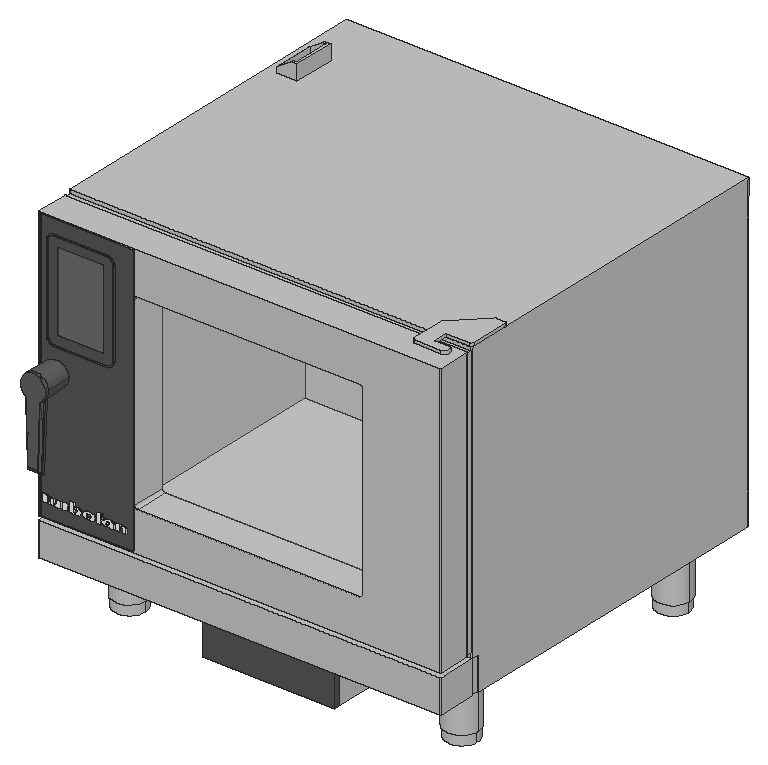
Revit family "QF_MOFFAT_PFEN051--", category Specialty Equipment, Revit 2019
Family settings
  Round Connector Dimension = Use Diameter
  Part Type = Normal
  OmniClass Number = 23.40.40.14
  OmniClass Title = Food Service Equipment
  Work Plane-Based = No
  Always vertical = Yes
  Cut with Voids When Loaded = No
  Shared = No
  Room Calculation Point = No
Parameters (values of type "PFEN051 (480V 3Ph 60Hz) - RH")
  R6 = 6 mm  # constant formula
  Mat_Handle = QF_Plastic-Black-Matte
  Mat_Glass = QF_Glass-Tempered-Clear
  Logo_X = if(Left hinged, 680 mm, 90 mm)  # 90 mm
  Handle_Z = 330 mm  # constant formula
  Filtered Treated Water Supply Size = 20 mm
  Filtered Treated Water Quality = ""
  Filtered Treated Water Flow = 0.0 L/min
  Filtered Treated Water Connection Height = 102 mm
  Exhaust Vent Width = 40 mm
  Exhaust Vent Height = 723 mm
  Exhaust Vent Depth = 80 mm
  Exhaust Static Press = 0.0 Pa
  Direct Waste Size = 40 mm
  Direct Waste Connection Height = 95 mm
  DX_ = if(Right hinged, 0 mm, 20 mm)  # 0 mm
  Weight = 74.00 kg
  Volts = 480 V
  Volt Free Conn = no
  URL Manufacturer = "https://www.moffat.com"
  URL Cutsheet = "PFEN044_0124_en.pdf"
  URL = ""
  Show Symbol [instance] = yes
  Show Opening [instance] = yes
  Show Logo [instance] = yes
  Show Clearance [instance] = no
  SX_ = if(Left hinged, 0 mm, 20 mm)  # 20 mm
  Right hinged = not(Left hinged)  # yes
  R2 = 2 mm  # constant formula
  Potential Equalisation = no
  Leg_R3 = 40 mm  # constant formula
  Leg_R2 = 32.5 mm  # constant formula
  Leg_R1 = 30 mm  # constant formula
  Phase = 3
  Number of Poles = 3
  Model = "PFEN051"
  Mat_Legs = QF_Stainless-Brushed
  Mat_Clearance = QF_Clearance
  Mat_Case = QF_Stainless-Brushed
  Mat_Plastic-Black = QF_Plastic-Black-Glossy
  Masterspec = ""
  Manufacturer = "MOFFAT"
  Main switch integrated = no
  Length Actual = 777 mm  # constant formula
  Legs Height = 120 mm  # constant formula
  Left hinged = no
  Keynote = "0"
  Item Number = "PFEN051"
  Identify Quantity as Lot = no
  Height Actual = 723 mm  # constant formula
  Foodservice Equipment Identifier = yes
  FL Amps = 11 A
  Electrical Remarks = "electrical connection with terminal box"
  Electric power = 7250 W
  Elec Connection Height = 102 mm
  Description = "Electric Combi Oven for bakery&pastry, 5 Trays 600x400"
  Description_FR = ""
  Description_ES = ""
  Description_EN = ""
  Description_DE = ""
  Depth Actual = 744 mm  # constant formula
  Cycle = 60 Hz
  Conn Plug = ""
  Cold Water Size = 20 mm
  Cold Water Consumption = ""
  Cold Water Connection Height = 102 mm
  Clearance_Upper = 500 mm  # constant formula
  Clearance_Side_RH = 50 mm  # constant formula
  Clearance_Side_LH = 50 mm  # constant formula
  Clearance_Rear = 500 mm  # constant formula
  Clearance_Front = 715 mm  # constant formula
  Case_Height = Height Actual - Legs Height  # 603 mm
  CE Approved = yes
  Author = ""
  Accessory = no
Types (22, lengths in mm): name | Logo_X | DX_ | Volts | SX_ | Right hinged | Phase | Number of Poles | Left hinged | Cycle
  PFEN051 (230V 1NPh 50Hz) - LH | 680 | 20 | 230 V | 0 | no | 1 | 1 | yes | 50 Hz
  PFEN051 (230V 1NPh 50Hz) - RH | 90 | 0 | 230 V | 20 | yes | 1 | 1 | no | 50 Hz
  PFEN051 (230V 3Ph 50Hz) - LH | 680 | 20 | 230 V | 0 | no | 3 | 3 | yes | 50 Hz
  PFEN051 (230V 3Ph 50Hz) - RH | 90 | 0 | 230 V | 20 | yes | 3 | 3 | no | 50 Hz
  PFEN051 (400V 3NPh 50Hz) - LH | 680 | 20 | 400 V | 0 | no | 3 | 3 | yes | 50 Hz
  PFEN051 (400V 3NPh 50Hz) - RH | 90 | 0 | 400 V | 20 | yes | 3 | 3 | no | 50 Hz
  PFEN051 (400V 3Ph 50Hz) - LH | 680 | 20 | 400 V | 0 | no | 3 | 3 | yes | 50 Hz
  PFEN051 (400V 3Ph 50Hz) - RH | 90 | 0 | 400 V | 20 | yes | 3 | 3 | no | 50 Hz
  PFEN051 (400V 3Ph 60Hz) - LH | 680 | 20 | 400 V | 0 | no | 3 | 3 | yes | 60 Hz
  PFEN051 (400V 3Ph 60Hz) - RH | 90 | 0 | 400 V | 20 | yes | 3 | 3 | no | 60 Hz
  PFEN051 (440V 3Ph 50Hz) - LH | 680 | 20 | 440 V | 0 | no | 3 | 3 | yes | 50 Hz
  PFEN051 (440V 3Ph 50Hz) - RH | 90 | 0 | 440 V | 20 | yes | 3 | 3 | no | 50 Hz
  PFEN051 (440V 3Ph 60Hz) - LH | 680 | 20 | 440 V | 0 | no | 3 | 3 | yes | 60 Hz
  PFEN051 (440V 3Ph 60Hz) - RH | 90 | 0 | 440 V | 20 | yes | 3 | 3 | no | 60 Hz
  PFEN051 (440V 3NPh 50Hz) - LH | 680 | 20 | 440 V | 0 | no | 3 | 3 | yes | 50 Hz
  PFEN051 (440V 3NPh 50Hz) - RH | 90 | 0 | 440 V | 20 | yes | 3 | 3 | no | 50 Hz
  PFEN051 (440V 3NPh 60Hz) - LH | 680 | 20 | 440 V | 0 | no | 3 | 3 | yes | 60 Hz
  PFEN051 (440V 3NPh 60Hz) - RH | 90 | 0 | 440 V | 20 | yes | 3 | 3 | no | 60 Hz
  PFEN051 (480V 3Ph 50Hz) - LH | 680 | 20 | 480 V | 0 | no | 3 | 3 | yes | 50 Hz
  PFEN051 (480V 3Ph 50Hz) - RH | 90 | 0 | 480 V | 20 | yes | 3 | 3 | no | 50 Hz
  PFEN051 (480V 3Ph 60Hz) - LH | 680 | 20 | 480 V | 0 | no | 3 | 3 | yes | 60 Hz
  PFEN051 (480V 3Ph 60Hz) - RH | 90 | 0 | 480 V | 20 | yes | 3 | 3 | no | 60 Hz
Reference planes
  plane 1 "Center (Front/Back)": y = 0
  plane 2: z = 0
  plane 3 "Center (Left/Right)": x = 0
  plane 4 "SX": x = -388.5
  plane 5 "DX": x = 388.5
  plane 6 "FRONT": y = -744
  plane 7 "High": z = 723
  plane 8 "BASE": z = 120
  plane 9: y = -98
  plane 10: y = -608
  plane 11: x = -320.5
  plane 12: x = 320.5
  plane 13: x = -438.5
  plane 14: x = 438.5
  plane 15: y = 500
  plane 16: z = 1223
  plane 17: z = 20
  plane 18: y = -1459
  plane 19: x = -308.5
  plane 20: x = 308.5
  plane 21: y = -200
  plane 22: y = -668
  plane 23: y = -653
  plane 24: z = 184
  plane 25: z = 658
  plane 26: z = 718
  plane 27: z = 270
  plane 28: z = 638
  plane 29: y = 49
  plane 30: z = 693
  plane 31: y = -114
  plane 32: y = -194
  plane 33: x = -368.5
  plane 34: x = -328.5
  plane 35: x = -128
  plane 36: x = 128
  plane 37: z = 8
Forms (mm)
  Extrusion 1, solid, material "QF_Clearance", visible <- "Show Clearance"
    sketch origin (0, 0, 0) x (1, 0, 0) y (0, 1, 0)
      loop
        line (-438.5, -744) -> (438.5, -744) -> (438.5, 0) -> (-438.5, 0) -> (-438.5, -744)
    from 0 to 723
  Extrusion 2, solid, material "QF_Clearance", visible <- "Show Clearance"
    sketch origin (0, 0, 0) x (1, 0, 0) y (0, 1, 0)
      loop
        line (-388.5, -1459) -> (388.5, -1459) -> (388.5, 500) -> (-388.5, 500) -> (-388.5, -1459)
    from 0 to 723
  Extrusion 3, solid, material "QF_Clearance", visible <- "Show Clearance"
    sketch origin (0, 0, 0) x (1, 0, 0) y (0, 1, 0)
      loop
        line (-388.5, -744) -> (388.5, -744) -> (388.5, 0) -> (-388.5, 0) -> (-388.5, -744)
    from 0 to 1223
  Extrusion 4, solid, material "QF_Stainless-Brushed" <- "Mat_Legs", detail levels medium+fine
    sketch origin (-1136.263, -1524, 20) x (-1, 0, 0) y (0, -1, 0)
      loop
        circle (-815.763, -1426) r 32.5
      loop
        circle (-815.763, -916) r 32.5
      loop
        circle (-1456.763, -1426) r 32.5
      loop
        circle (-1456.763, -916) r 32.5
    from 0 to 100
  Extrusion 5, solid, material "QF_Stainless-Brushed" <- "Mat_Legs", detail levels medium+fine
    sketch origin (0, 0, 0) x (1, 0, 0) y (0, 1, 0)
      loop
        circle (-320.5, -98) r 30
      loop
        circle (320.5, -98) r 30
      loop
        circle (-320.5, -608) r 30
      loop
        circle (320.5, -608) r 30
    from 0 to 20
  Extrusion 6, solid, material "QF_Stainless-Brushed" <- "Mat_Case", detail levels medium+fine
    sketch origin (-1043.679, -1524, 184) x (-1, 0, 0) y (0, -1, 0)
      loop
        arc (-657.179, -1524) -> (-655.765, -1523.414) -> (-655.179, -1522) r 2
        line (-655.179, -1522) -> (-655.179, -873) -> (-660.179, -873) -> (-660.179, -871) -> (-655.179, -871) -> (-655.179, -858)
        arc (-655.179, -858) -> (-655.765, -856.586) -> (-657.179, -856) r 2
        line (-657.179, -856) -> (-735.179, -856) -> (-735.179, -1324) -> (-1352.179, -1324) -> (-1352.179, -856) -> (-1430.179, -856)
        arc (-1430.179, -856) -> (-1431.594, -856.586) -> (-1432.179, -858) r 2
        line (-1432.179, -858) -> (-1432.179, -871) -> (-1427.179, -871) -> (-1427.179, -873) -> (-1432.179, -873) -> (-1432.179, -1522)
        arc (-1432.179, -1522) -> (-1431.594, -1523.414) -> (-1430.179, -1524) r 2
        line (-1430.179, -1524) -> (-657.179, -1524)
    from 0 to 474
  Extrusion 7, solid, material "QF_Stainless-Brushed" <- "Mat_Case", detail levels medium+fine
    sketch origin (0, 0, 120) x (-1, 0, 0) y (0, -1, 0)
      loop
        arc (386.5, 0) -> (387.914, 0.586) -> (388.5, 2) r 2
        line (388.5, 2) -> (388.5, 653) -> (386.5, 653) -> (386.5, 668) -> (388.5, 668) -> (388.5, 742)
        arc (388.5, 742) -> (387.914, 743.414) -> (386.5, 744) r 2
        line (386.5, 744) -> (-386.5, 744)
        arc (-386.5, 744) -> (-387.914, 743.414) -> (-388.5, 742) r 2
        line (-388.5, 742) -> (-388.5, 668) -> (-386.5, 668) -> (-386.5, 653) -> (-388.5, 653) -> (-388.5, 2)
        arc (-388.5, 2) -> (-387.914, 0.586) -> (-386.5, 0) r 2
        line (-386.5, 0) -> (386.5, 0)
    from 0 to 64
  Extrusion 8, solid, material "QF_Stainless-Brushed" <- "Mat_Case", detail levels medium+fine
    sketch origin (-1043.679, -1524, 658) x (-1, 0, 0) y (0, -1, 0)
      loop
        arc (-657.179, -1524) -> (-655.765, -1523.414) -> (-655.179, -1522) r 2
        line (-655.179, -1522) -> (-655.179, -858)
        arc (-655.179, -858) -> (-655.765, -856.586) -> (-657.179, -856) r 2
        line (-657.179, -856) -> (-1430.179, -856)
        arc (-1430.179, -856) -> (-1431.594, -856.586) -> (-1432.179, -858) r 2
        line (-1432.179, -858) -> (-1432.179, -1522)
        arc (-1432.179, -1522) -> (-1431.594, -1523.414) -> (-1430.179, -1524) r 2
        line (-1430.179, -1524) -> (-657.179, -1524)
    from 0 to 65
  Extrusion 9, solid, material "QF_Stainless-Brushed" <- "Mat_Case", detail levels medium+fine
    sketch origin (-388.5, 180.447, 4000) x (0, 1, 0) y (0, 0, 1)
      loop
        line (-131.447, -3652) -> (-131.447, -3356) -> (-180.447, -3307) -> (-180.447, -3652) -> (-131.447, -3652)
    from 70 to 220
  Extrusion 10, solid, material "QF_Stainless-Brushed" <- "Mat_Case", detail levels medium+fine
    sketch origin (0, 0, 723) x (-1, 0, 0) y (0, -1, 0)
      loop
        line (368.5, 114) -> (368.5, 194) -> (328.5, 194) -> (328.5, 114) -> (368.5, 114)
      loop
        line (363.5, 119) -> (363.5, 189) -> (333.5, 189) -> (333.5, 119) -> (363.5, 119)
    from 0 to 30
  Extrusion 11, void
    sketch origin (-528.5, -114, 7500) x (1, 0, 0) y (0, 0, 1)
      loop
        line (160, -6747) -> (160, -6767) -> (190, -6747) -> (160, -6747)
    from 0 to 80
  Extrusion 12, solid, material "QF_Plastic-Black-Glossy" <- "Mat_Plastic-Black", detail levels medium+fine
    sketch origin (-619.833, -668, 7500) x (-1, 0, 0) y (0, 0, 1)
      loop
        line (-491.833, -7492) -> (-491.833, -7411)
        arc (-491.833, -7411) -> (-480.833, -7400) -> (-491.833, -7389) r 11
        line (-491.833, -7389) -> (-747.833, -7389)
        arc (-747.833, -7389) -> (-758.833, -7400) -> (-747.833, -7411) r 11
        line (-747.833, -7411) -> (-747.833, -7492) -> (-491.833, -7492)
    from -5 to 5
  Extrusion 13, solid, material "QF_Stainless-Brushed" <- "Mat_Case", detail levels medium+fine
    sketch origin (-619.833, -668, 7500) x (-1, 0, 0) y (0, 0, 1)
      loop
        line (-491.833, -7492) -> (-491.833, -7380) -> (-747.833, -7380) -> (-747.833, -7492) -> (-491.833, -7492)
    from 5 to 468
  Extrusion 14, solid, material "QF_Stainless-Brushed" <- "Mat_Case", detail levels medium+fine
    sketch origin (-619.833, -200, 7500) x (-1, 0, 0) y (0, 0, 1)
      loop
        circle (-619.833, -7405) r 20
    from 0 to 200
Cuts and joins
  joined: Extrusion 1, Extrusion 2, Extrusion 3
  joined: Extrusion 4, Extrusion 5
  joined: Extrusion 6, Extrusion 7, Extrusion 8
  Extrusion 11 cuts Extrusion 10
Lines and regions (mm)
  model lines, style "InvisibleLines"
    curve 1: line (-50, 0, 0) -> (50, 0, 0)
    curve 2: line (0, 50, 0) -> (0, -50, 0)
  model lines, style "QF_Detail Level Coarse", detail levels coarse
    curve 3: line (-388.5, 0, 0) -> (388.5, 0, 0)
    curve 4: line (-388.5, -744, 0) -> (-388.5, 0, 0)
    curve 5: line (388.5, -744, 0) -> (-388.5, -744, 0)
    curve 6: line (388.5, 0, 0) -> (388.5, -744, 0)
    curve 7: line (388.5, -744, 723) -> (388.5, -744, 0)
    curve 8: line (388.5, 0, 723) -> (388.5, 0, 0)
    curve 9: line (-388.5, 0, 723) -> (-388.5, 0, 0)
    curve 10: line (-388.5, 0, 723) -> (388.5, 0, 723)
    curve 11: line (388.5, 0, 723) -> (388.5, -744, 723)
    curve 12: line (-388.5, 0, 723) -> (-388.5, -744, 723)
    curve 13: line (-388.5, -744, 723) -> (388.5, -744, 723)
    curve 14: line (-388.5, -744, 723) -> (-388.5, -744, 0)
Dimensions and locks
  curve 1 to plane 3 "Center (Left/Right)" to curve 1 = 50 mm locked, 50 mm locked
  curve 2 to plane 1 "Center (Front/Back)" to curve 2 = 50 mm locked, 50 mm locked
  locked: plane 6 "FRONT" to plane 1 "Center (Front/Back)" at 744
  equal spacing: plane 4 "SX", plane 3 "Center (Left/Right)", plane 5 "DX"
  locked: plane 4 "SX" to plane 5 "DX" at 777
  "Legs Height": plane 8 "BASE" to plane 2
  "Clearance_Side_RH": plane 5 "DX" to plane 14
  "Clearance_Side_LH": plane 13 to plane 4 "SX"
  "Clearance_Rear": plane 1 "Center (Front/Back)" to plane 15
  "Clearance_Upper": plane 16 to plane 7 "High"
  locked: plane 9 to plane 1 "Center (Front/Back)" at 98
  locked: plane 4 "SX" to plane 11 at 68
  locked: plane 12 to plane 5 "DX" at 68
  "Clearance_Front": plane 6 "FRONT" to plane 18
  plane 17 to plane 2 = 20 mm
  "Case_Height": plane 7 "High" to plane 8 "BASE"
  locked: plane 10 to plane 6 "FRONT" at 136
  locked: plane 4 "SX" to plane 19 at 80
  locked: plane 20 to plane 5 "DX" at 80
  locked: plane 21 to plane 1 "Center (Front/Back)" at 200
  locked: plane 22 to plane 6 "FRONT" at 76
  locked: plane 23 to plane 22 at 15
  locked: Extrusion 6 sketch curve to plane 23 at 2  (x2)
  locked: Extrusion 6 sketch curve to plane 5 "DX" at 5
  locked: plane 4 "SX" to Extrusion 6 sketch curve at 5
  locked: plane 24 to plane 8 "BASE" at 64
  locked: plane 7 "High" to plane 25 at 65
  locked: plane 4 "SX" to Extrusion 7 sketch curve at 2
  locked: Extrusion 7 sketch curve to plane 5 "DX" at 2
  locked: plane 7 "High" to plane 26 at 5
  locked: plane 27 to plane 8 "BASE" at 150
  locked: plane 7 "High" to plane 28 at 85
  "Logo_X": nested 3 to plane 4 "SX"
  locked: plane 1 "Center (Front/Back)" to plane 29 at 49
  locked: plane 7 "High" to Extrusion 9 sketch curve at 375
  locked: plane 7 "High" to plane 30 at 30
  plane 32 to plane 31 to plane 1 "Center (Front/Back)" = 80 mm locked, 114 mm locked
  plane 4 "SX" to plane 33 to plane 34 = 20 mm locked, 40 mm locked
  locked: plane 34 to Extrusion 11 sketch curve at 10
  Extrusion 11 sketch curve to Extrusion 11 sketch curve to plane 7 "High" = 20 mm locked, 10 mm locked
  plane 35 to plane 3 "Center (Left/Right)" to plane 36 = 128 mm locked, 128 mm locked
  locked: plane 8 "BASE" to plane 37 at 112
  locked: plane 8 "BASE" to Extrusion 12 sketch curve at 9
  "Direct Waste Connection Height": Extrusion 14 sketch curve to plane 2
  equal spacing: plane 27, nested 3, plane 24
  "Leg_R2": radius of Extrusion 4 sketch curve  (x4)
  "Leg_R1": radius of Extrusion 5 sketch curve  (x4)
  "R2": radius of Extrusion 6 sketch curve  (x4)
  "R2": radius of Extrusion 7 sketch curve  (x4)
  "R2": radius of Extrusion 8 sketch curve  (x4)
  aligned and locked: level to plane 2
  aligned and locked: plane 1 "Center (Front/Back)" to curve 3
  aligned and locked: plane 4 "SX" to curve 4
  aligned and locked: level to curve 8
  aligned and locked: level to curve 7
  aligned and locked: level to curve 9
  aligned and locked: curve 8 to plane 1 "Center (Front/Back)"
  aligned and locked: curve 9 to plane 1 "Center (Front/Back)"
  aligned and locked: curve 13 to plane 6 "FRONT"
  aligned and locked: curve 10 to plane 7 "High"
  aligned and locked: curve 12 to plane 7 "High"
  aligned and locked: curve 11 to plane 7 "High"
  aligned and locked: curve 9 to curve 11
  aligned and locked: curve 14 to curve 9
  aligned and locked: curve 7 to curve 14
  aligned and locked: Extrusion 1 sketch curve to plane 13
  aligned and locked: Extrusion 1 sketch curve to plane 14
  aligned and locked: Extrusion 1 sketch curve to plane 6 "FRONT"
  aligned and locked: Extrusion 1 sketch curve to plane 1 "Center (Front/Back)"
  aligned and locked: plane 7 "High" to Extrusion 1
  aligned and locked: Extrusion 1 to plane 2
  aligned and locked: Extrusion 2 sketch curve to plane 4 "SX"
  aligned and locked: plane 5 "DX" to Extrusion 2 sketch curve
  aligned and locked: plane 15 to Extrusion 2 sketch curve
  aligned and locked: plane 7 "High" to Extrusion 2
  aligned and locked: Extrusion 2 to plane 2
  aligned and locked: Extrusion 3 sketch curve to plane 4 "SX"
  aligned and locked: plane 5 "DX" to Extrusion 3 sketch curve
  aligned and locked: Extrusion 3 sketch curve to plane 6 "FRONT"
  aligned and locked: Extrusion 3 sketch curve to plane 1 "Center (Front/Back)"
  aligned and locked: Extrusion 3 to plane 2
  aligned and locked: plane 16 to Extrusion 3
  aligned and locked: plane 11 to Extrusion 4 sketch curve  (x2)
  aligned and locked: plane 12 to Extrusion 4 sketch curve  (x2)
  aligned and locked: plane 9 to Extrusion 4 sketch curve  (x2)
  aligned and locked: plane 10 to Extrusion 4 sketch curve  (x2)
  aligned and locked: Extrusion 4 to plane 17
  aligned and locked: plane 11 to Extrusion 5 sketch curve  (x2)
  aligned and locked: plane 12 to Extrusion 5 sketch curve  (x2)
  aligned and locked: plane 9 to Extrusion 5 sketch curve  (x2)
  aligned and locked: plane 10 to Extrusion 5 sketch curve  (x2)
  aligned and locked: Extrusion 5 to plane 2
  aligned and locked: plane 17 to Extrusion 5
  aligned and locked: Extrusion 2 sketch curve to plane 18
  aligned and locked: plane 8 "BASE" to Extrusion 4
  aligned and locked: Extrusion 6 sketch curve to plane 5 "DX"  (x2)
  aligned and locked: plane 1 "Center (Front/Back)" to Extrusion 6 sketch curve
  aligned and locked: plane 4 "SX" to Extrusion 6 sketch curve  (x2)
  aligned and locked: plane 22 to Extrusion 6 sketch curve  (x2)
  aligned and locked: plane 23 to Extrusion 6 sketch curve
  aligned and locked: Extrusion 6 sketch curve to plane 23
  aligned and locked: plane 25 to Extrusion 6
  aligned and locked: Extrusion 6 sketch curve to plane 21
  aligned and locked: plane 19 to Extrusion 6 sketch curve
  aligned and locked: Extrusion 6 sketch curve to plane 20
  aligned and locked: plane 1 "Center (Front/Back)" to Extrusion 7 sketch curve
  aligned and locked: Extrusion 7 sketch curve to plane 5 "DX"  (x2)
  aligned and locked: plane 4 "SX" to Extrusion 7 sketch curve  (x2)
  aligned and locked: plane 6 "FRONT" to Extrusion 7 sketch curve
  aligned and locked: plane 23 to Extrusion 7 sketch curve
  aligned and locked: plane 22 to Extrusion 7 sketch curve  (x2)
  aligned and locked: Extrusion 7 sketch curve to plane 23
  aligned and locked: plane 24 to Extrusion 7
  aligned and locked: plane 1 "Center (Front/Back)" to Extrusion 8 sketch curve
  aligned and locked: plane 22 to Extrusion 8 sketch curve
  aligned and locked: Extrusion 8 sketch curve to plane 5 "DX"
  aligned and locked: plane 4 "SX" to Extrusion 8 sketch curve
  aligned and locked: plane 7 "High" to Extrusion 8
  aligned and locked: Extrusion 9 sketch curve to plane 1 "Center (Front/Back)"
  aligned and locked: plane 30 to Extrusion 9 sketch curve
  aligned and locked: Extrusion 9 sketch curve to plane 29
  aligned and locked: Extrusion 10 sketch curve to plane 31
  aligned and locked: plane 33 to Extrusion 10 sketch curve
  aligned and locked: plane 32 to Extrusion 10 sketch curve
  aligned and locked: Extrusion 10 sketch curve to plane 34
  aligned and locked: plane 33 to Extrusion 11 sketch curve
  aligned and locked: Extrusion 11 to plane 32
  aligned and locked: plane 37 to Extrusion 12 sketch curve
  aligned and locked: Extrusion 12 sketch curve to plane 36
  aligned and locked: Extrusion 12 sketch curve to plane 35
  aligned and locked: plane 35 to Extrusion 13 sketch curve
  aligned and locked: Extrusion 13 sketch curve to plane 36
  aligned and locked: plane 8 "BASE" to Extrusion 13 sketch curve
  aligned and locked: Extrusion 13 sketch curve to plane 37
  aligned and locked: plane 21 to Extrusion 13
  aligned and locked: plane 1 "Center (Front/Back)" to nested 1  (x2)
  aligned and locked: plane 3 "Center (Left/Right)" to nested 1
  aligned and locked: plane 1 "Center (Front/Back)" to nested 4
  aligned and locked: plane 1 "Center (Front/Back)" to nested 5
  aligned and locked: plane 5 "DX" to nested 4
  aligned and locked: plane 5 "DX" to nested 5
  aligned and locked: nested 5 to plane 5 "DX"
  aligned and locked: plane 1 "Center (Front/Back)" to nested 2
  aligned and locked: plane 3 "Center (Left/Right)" to nested 2
  aligned and locked: Extrusion 14 to plane 1 "Center (Front/Back)"
  aligned and locked: nested 6 to plane 6 "FRONT"
  aligned and locked: plane 6 "FRONT" to nested 7
  aligned and locked: plane 3 "Center (Left/Right)" to nested 6
  aligned and locked: plane 3 "Center (Left/Right)" to nested 7
Automatic sketch dimensions
  curve 10 to plane 4 "SX" = 0 mm
  curve 10 to plane 5 "DX" = 0 mm
  curve 2 to plane 3 "Center (Left/Right)" = 0 mm
  curve 5 to plane 5 "DX" = 0 mm
  curve 4 to plane 6 "FRONT" = 0 mm
  plane 1 "Center (Front/Back)" to curve 1 = 0 mm
  curve 8 to plane 7 "High" = 0 mm
  curve 7 to plane 7 "High" = 0 mm
  curve 11 to plane 6 "FRONT" = 0 mm
  curve 11 to plane 1 "Center (Front/Back)" = 0 mm
  curve 12 to plane 6 "FRONT" = 0 mm
  curve 12 to plane 1 "Center (Front/Back)" = 0 mm
  curve 14 to level = 0 mm
  curve 14 to plane 7 "High" = 0 mm
  curve 13 to plane 5 "DX" = 0 mm
  curve 13 to plane 4 "SX" = 0 mm
  plane 28 to Extrusion 9 sketch curve = 6 mm
  Extrusion 10 sketch curve to plane 34 = 5 mm
  plane 33 to Extrusion 10 sketch curve = 5 mm
  Extrusion 10 sketch curve to plane 31 = 5 mm
  plane 32 to Extrusion 10 sketch curve = 5 mm
  Extrusion 12 sketch curve to Extrusion 12 sketch curve = 11 mm  (x2)
  Extrusion 14 sketch curve to plane 3 "Center (Left/Right)" = 0 mm
  radius of Extrusion 14 sketch curve = 20 mm
Nested families
  nested 1: "QF_Connection_SE" at (0, 0, 102), Symbol_Visible <- "Show Symbol", built-in parameter 1001364 <- "Elec Connection Height", type "KTM"
    with Symbol_Width_DX 0 mm, Symbol_Width Offset 0 mm, Symbol_Width DX-SX yes, Symbol_Visible yes, Symbol_Depth_Up-Dn yes, Symbol_Depth_Up 200 mm, Symbol_Depth Offset 100 mm, Symbol Graphic none, Connector_Width_DX 70 mm, Connector Holder_Width Offset 35 mm, Connector Holder_Width DX-SX yes, Connector Holder_Visible no, Connector Holder_Depth Offset 42 mm
  nested 2: "QF_Connection_SE" at (0, 0, 95), Symbol_Visible <- "Show Symbol", built-in parameter 1001364 <- "Direct Waste Connection Height", type "KTM"
    with Symbol_Width_DX 0 mm, Symbol_Width Offset 200 mm, Symbol_Width DX-SX no, Symbol_Visible yes, Symbol_Depth_Up-Dn yes, Symbol_Depth_Up 200 mm, Symbol_Depth Offset 100 mm, Symbol Graphic none, Connector_Width_DX 0 mm, Connector Holder_Width Offset 0 mm, Connector Holder_Width DX-SX yes, Connector Holder_Visible no, Connector Holder_Depth Offset 0 mm
  nested 3: "Combi_Logo_Turbofan160" at (-298.5, -744, 227) x (1, 0, 0) z (0, -1, 0), visible <- "Show Logo", type "KTM", detail levels medium+fine
    with MAT_Handle QF_Plastic-White-Glossy
  nested 4: "QF_Connection_SE" at (388.5, 0, 102), Symbol_Visible <- "Show Symbol", built-in parameter 1001364 <- "Filtered Treated Water Connection Height", type "KTM"
    with Symbol_Width_DX 400 mm, Symbol_Width Offset 200 mm, Symbol_Width DX-SX yes, Symbol_Visible yes, Symbol_Depth_Up-Dn yes, Symbol_Depth_Up 200 mm, Symbol_Depth Offset 100 mm, Symbol Graphic none, Connector_Width_DX 0 mm, Connector Holder_Width Offset 103 mm, Connector Holder_Width DX-SX no, Connector Holder_Visible no, Connector Holder_Depth Offset 42 mm
  nested 5: "QF_Connection_SE" at (388.5, 0, 102), Symbol_Visible <- "Show Symbol", built-in parameter 1001364 <- "Cold Water Connection Height", type "KTM"
    with Symbol_Width_DX 100 mm, Symbol_Width Offset 50 mm, Symbol_Width DX-SX yes, Symbol_Visible yes, Symbol_Depth_Up-Dn yes, Symbol_Depth_Up 200 mm, Symbol_Depth Offset 100 mm, Symbol Graphic none, Connector_Width_DX 0 mm, Connector Holder_Width Offset 178 mm, Connector Holder_Width DX-SX no, Connector Holder_Visible no, Connector Holder_Depth Offset 42 mm
  nested 6: "Puff_Door_B" at (0, -744, 0), visible <- "Left hinged", Case_Height <- "Case_Height", Legs Height <- "Legs Height", Handle_Z <- "Handle_Z", Show Opening <- "Show Opening", Mat_Case <- "Mat_Case", Mat_Glass <- "Mat_Glass", Mat_Handle <- "Mat_Handle", Mat_Plastic-Black <- "Mat_Plastic-Black", type "ktm"
    with Show Opening yes, Mat_Plastic-Black QF_Plastic-Black-Glossy, Mat_Handle QF_Plastic-Black-Matte, Mat_Glass QF_Glass-Tempered-Clear, Mat_Case QF_Stainless-Brushed, Legs Height 120 mm, Handle_Z 330 mm, Case_Height 603 mm
  nested 7: "Puff_Door_B" at (0, -744, 0) x (-1, 0, 0) z (0, 0, 1), visible <- "Right hinged", Case_Height <- "Case_Height", Legs Height <- "Legs Height", Handle_Z <- "Handle_Z", Show Opening <- "Show Opening", Mat_Case <- "Mat_Case", Mat_Glass <- "Mat_Glass", Mat_Handle <- "Mat_Handle", Mat_Plastic-Black <- "Mat_Plastic-Black", type "ktm"
    with Show Opening yes, Mat_Plastic-Black QF_Plastic-Black-Glossy, Mat_Handle QF_Plastic-Black-Matte, Mat_Glass QF_Glass-Tempered-Clear, Mat_Case QF_Stainless-Brushed, Legs Height 120 mm, Handle_Z 330 mm, Case_Height 603 mm
Connectors
  electrical at (35, -41.5, 102), driven by "Volts", driven by "Electric power", driven by "Electrical Remarks", driven by "Number of Poles"
    settings: on nested 1, index 23, voltage 480 V, apparent load 7250 VA, apparent load phase1 0 VA, apparent load phase2 0 VA, apparent load phase3 0 VA, power factor 1, load classification "Power", number of poles 3, system type 30, power factor state 1, is connector primary yes, connector utility no, sub classification motor no, connector description "electrical connection with terminal box"
  piping at (285.5, -42, 101.5), diameter 20, driven by "Filtered Treated Water Supply Size", driven by "Filtered Treated Water Flow"
    settings: on nested 4, index 25, connector inside diameter 609.6 mm, connector length 0 mm, flow factor 0, pipe flow 0.0 L/min, pressure drop 0.0 Pa, fitting loss kfactor 0, connector angle 0.00°, fixture units 0, engagement length 0 mm, angle of deflection 0.00°, flow configuration 0, flow direction 1, fitting loss method 0, system type 20, joint type 0, gender type 0, connector reference index -1, connector utility 0, adjustable connector no, is connector primary yes, connector description "W2 Softened water inlet"
  piping at (210.5, -42, 101.5), diameter 20, driven by "Cold Water Size"
    settings: on nested 5, index 26, connector inside diameter 609.6 mm, connector length 0 mm, flow factor 0, pipe flow 0.0 L/min, pressure drop 0.0 Pa, fitting loss kfactor 0, connector angle 0.00°, fixture units 0, engagement length 0 mm, angle of deflection 0.00°, flow configuration 0, flow direction 1, fitting loss method 0, system type 20, joint type 0, gender type 0, connector reference index -1, connector utility 0, adjustable connector no, is connector primary no, connector description "W1 Water inlet"
  piping at (0, 0.5, 95), diameter 40, driven by "Direct Waste Size"
    settings: on nested 2, index 27, connector inside diameter 609.6 mm, connector length 0 mm, flow factor 0, pipe flow 0.0 L/min, pressure drop 0.0 Pa, fitting loss kfactor 0, connector angle 0.00°, fixture units 0, engagement length 0 mm, angle of deflection 0.00°, flow configuration 0, flow direction 2, fitting loss method 0, system type 16, joint type 0, gender type 0, connector reference index -1, connector utility 0, adjustable connector no, is connector primary no, connector description "Direct Waste"
  hvac at (-348.5, -154, 723), driven by "Exhaust Vent Width", driven by "Exhaust Vent Depth", driven by "Exhaust Static Press"
    settings: on cut or joined group of Extrusion 10, Extrusion 11, index 28, duct flow 0.0 L/s, flow factor 0, pres drop 0.0 Pa, loss coef 0, conn angle 0.00°, conn width 40 mm, conn height 80 mm, conn diameter 609.6 mm, duct sys type 3, conn prof type 1, flow config 0, flow direction 2, loss method 4, conn ref index -1, conn util no, is conn primary yes, conn desc "Exhaust vent"
Definition of nested family "Combi_Logo_Turbofan160"
  Parameters (values of type "KTM")
    MAT_Handle [instance] = none
    Default Elevation = 0 mm
  Reference planes
    plane 1 "Center (Front/Back)": y = 0
    plane 2: z = 0
    plane 3 "Center (Left/Right)": x = 0
  Forms (mm)
    Extrusion 1, solid, material <- "MAT_Handle"
      sketch origin (0, 0, 0) x (1, 0, 0) y (0, 1, 0)
        loop
          line (-58.759, -2.32) -> (-58.759, 5.275) -> (-65.172, 5.275) -> (-65.172, -3.582)
          arc (-65.172, -3.582) -> (-64.651, -5.213) -> (-63.28, -6.24) r 2.814
          arc (-63.28, -6.24) -> (-57.335, -7.492) -> (-51.267, -7.22) r 24.135
          line (-51.267, -7.22) -> (-44.931, -6.126) -> (-44.931, 5.275) -> (-53.235, 5.275) -> (-53.235, -3.902) -> (-56.309, -4.403)
          arc (-56.309, -4.403) -> (-58.016, -3.927) -> (-58.759, -2.32) r 2.11
        loop
          line (-31.587, 2.611) -> (-29.844, 2.471) -> (-29.844, 5.843)
          arc (-29.844, 5.843) -> (-35.742, 5.764) -> (-41.521, 4.583) r 31.377
          line (-41.521, 4.583) -> (-41.521, -6.957) -> (-33.106, -6.957) -> (-33.106, 1.208)
          arc (-33.106, 1.208) -> (-32.653, 2.242) -> (-31.587, 2.611) r 1.407
        loop
          arc (-78.015, -6.494) -> (-73.384, -7.447) -> (-68.656, -7.497) r 24.624
          line (-68.656, -7.497) -> (-68.656, -4.421) -> (-69.794, -4.25)
          arc (-69.794, -4.25) -> (-70.651, -3.777) -> (-70.992, -2.859) r 1.407
          line (-70.992, -2.859) -> (-70.992, 2.471) -> (-67.025, 2.471) -> (-67.025, 5.843) -> (-70.992, 5.843) -> (-70.992, 8.251) -> (-80, 8.251) -> (-80, -3.805)
          arc (-80, -3.805) -> (-79.45, -5.477) -> (-78.015, -6.494) r 2.814
        loop
          line (33.607, 8.503) -> (35.284, 8.503) -> (35.284, 11.348)
          arc (35.284, 11.348) -> (30.483, 11.528) -> (25.758, 10.663) r 22.037
          arc (25.758, 10.663) -> (24.306, 9.648) -> (23.749, 7.967) r 2.814
          line (23.749, 7.967) -> (23.749, -6.957) -> (32.2, -6.957) -> (32.2, 2.106) -> (37.139, 2.106) -> (37.139, 5.275) -> (32.2, 5.275) -> (32.2, 7.097)
          arc (32.2, 7.097) -> (32.612, 8.091) -> (33.607, 8.503) r 1.407
        loop
          arc (-28.299, -6.629) -> (-19.588, -7.685) -> (-10.878, -6.629) r 36.436
          arc (-10.878, -6.629) -> (-8.253, -5.406) -> (-6.288, -3.277) r 7.487
          arc (-6.288, -3.277) -> (-6.165, 2.771) -> (-11.383, 5.831) r 5.979
          line (-11.383, 5.831) -> (-17.924, 5.831) -> (-17.924, 2.632) -> (-15.581, 2.632)
          arc (-15.581, 2.632) -> (-12.929, 1.415) -> (-12.121, -1.389) r 3.499
          arc (-12.121, -1.389) -> (-12.928, -3.081) -> (-14.54, -4.036) r 3.22
          arc (-14.54, -4.036) -> (-17.196, -4.25) -> (-19.785, -3.621) r 8.391
          line (-19.785, -3.621) -> (-19.785, 11.804) -> (-28.299, 11.804) -> (-28.299, -6.629)
        loop
          arc (0.442, -6.088) -> (8.875, -7.464) -> (17.308, -6.088) r 26.526
          arc (17.308, -6.088) -> (19.754, -4.812) -> (21.683, -2.84) r 8.794
          arc (21.683, -2.84) -> (22.332, -0.805) -> (21.683, 1.231) r 3.517
          arc (21.683, 1.231) -> (19.754, 3.202) -> (17.308, 4.479) r 8.794
          arc (17.308, 4.479) -> (8.875, 5.855) -> (0.442, 4.479) r 26.526
          arc (0.442, 4.479) -> (-2.004, 3.202) -> (-3.934, 1.231) r 8.794
          arc (-3.934, 1.231) -> (-4.583, -0.805) -> (-3.934, -2.84) r 3.517
          arc (-3.934, -2.84) -> (-2.004, -4.812) -> (0.442, -6.088) r 8.794
        loop
          arc (4.961, -3.445) -> (8.875, -4.755) -> (12.789, -3.445) r 6.503
          arc (12.789, -3.445) -> (14.105, -0.805) -> (12.789, 1.836) r 3.306
          arc (12.789, 1.836) -> (8.875, 3.145) -> (4.961, 1.836) r 6.503
          arc (4.961, 1.836) -> (3.645, -0.805) -> (4.961, -3.445) r 3.306
        loop
          line (73.587, 0.638) -> (73.587, -6.957) -> (80, -6.957) -> (80, 1.9)
          arc (80, 1.9) -> (79.479, 3.532) -> (78.108, 4.559) r 2.814
          arc (78.108, 4.559) -> (72.163, 5.81) -> (66.095, 5.538) r 24.135
          line (66.095, 5.538) -> (59.76, 4.444) -> (59.76, -6.957) -> (68.063, -6.957) -> (68.063, 2.221) -> (71.138, 2.721)
          arc (71.138, 2.721) -> (72.844, 2.246) -> (73.587, 0.638) r 2.11
        loop
          line (48.284, 0.788) -> (48.284, -3.972)
          arc (48.284, -3.972) -> (45.544, -4.369) -> (42.824, -3.855) r 8.411
          arc (42.824, -3.855) -> (42.057, -2.791) -> (42.759, -1.682) r 1.171
          arc (42.759, -1.682) -> (44.595, -1.188) -> (46.495, -1.251) r 6.435
          line (46.495, -1.251) -> (46.495, 1.479)
          arc (46.495, 1.479) -> (42.786, 1.923) -> (39.074, 1.509) r 16.27
          arc (39.074, 1.509) -> (37.375, 0.978) -> (35.777, 0.195) r 11.655
          arc (35.777, 0.195) -> (34.37, -1.862) -> (35.055, -4.259) r 2.931
          arc (35.055, -4.259) -> (36.966, -5.84) -> (39.28, -6.731) r 7.698
          arc (39.28, -6.731) -> (48.191, -7.569) -> (57.066, -6.407) r 40.026
          line (57.066, -6.407) -> (57.066, 1.658)
          arc (57.066, 1.658) -> (56.422, 3.466) -> (54.92, 4.659) r 3.489
          arc (54.92, 4.659) -> (51.793, 5.577) -> (48.543, 5.805) r 15.165
          line (48.543, 5.805) -> (41.413, 5.537) -> (41.413, 2.679) -> (46.075, 2.896)
          arc (46.075, 2.896) -> (47.63, 2.315) -> (48.284, 0.788) r 2.11
      from 0 to 1
  Dimensions and locks
    aligned and locked: level to plane 2
Definition of nested family "Puff_Door_B"
  Parameters (values of type "ktm")
    Show Opening [instance] = yes
    R6 = 6 mm  # constant formula
    Mat_Handle [instance] = none
    Mat_Glass [instance] = none
    Handle_Z [instance] = 415 mm
    URL = ""
    R2 = 2 mm  # constant formula
    Model = ""
    Mat_Case [instance] = none
    Mat_Plastic-Black [instance] = none
    Manufacturer = ""
    Legs Height [instance] = 120 mm
    Keynote = "0"
    Description = ""
    Case_Height [instance] = 767 mm
  Reference planes
    plane 1 "Center (Front/Back)": y = 0
    plane 2: z = 0
    plane 3 "Center (Left/Right)": x = 0
    plane 4 "SX": x = -388.5
    plane 5 "DX": x = 388.5
    plane 6 "High": z = 887
    plane 7 "BASE": z = 120
    plane 8: x = -308.5
    plane 9: x = 308.5
    plane 10: y = 76
    plane 11: y = 91
    plane 12: z = 184
    plane 13: z = 822
    plane 14: x = -238.5
    plane 15: x = 201.5
    plane 16: x = 204.5
    plane 17: x = 384.5
    plane 18: y = 65
    plane 19: z = 882
    plane 20: z = 270
    plane 21: z = 802
  Forms (mm)
    Extrusion 1, solid, material <- "Mat_Case", detail levels medium+fine
      sketch origin (-1043.679, -1524, 184) x (-1, 0, 0) y (0, -1, 0)
        loop
          arc (-657.179, -1589) -> (-655.765, -1588.414) -> (-655.179, -1587) r 2
          line (-655.179, -1587) -> (-655.179, -1526)
          arc (-655.179, -1526) -> (-655.765, -1524.586) -> (-657.179, -1524) r 2
          line (-657.179, -1524) -> (-1430.179, -1524)
          arc (-1430.179, -1524) -> (-1431.594, -1524.586) -> (-1432.179, -1526) r 2
          line (-1432.179, -1526) -> (-1432.179, -1587)
          arc (-1432.179, -1587) -> (-1431.594, -1588.414) -> (-1430.179, -1589) r 2
          line (-1430.179, -1589) -> (-657.179, -1589)
      from 8 to 698
    Extrusion 2, void
      sketch origin (-909.885, 0, 4000) x (-1, 0, 0) y (0, 0, 1)
        loop
          line (-677.385, -3198) -> (-1105.385, -3198)
          arc (-1105.385, -3198) -> (-1109.628, -3199.757) -> (-1111.385, -3204) r 6
          line (-1111.385, -3204) -> (-1111.385, -3724)
          arc (-1111.385, -3724) -> (-1109.628, -3728.243) -> (-1105.385, -3730) r 6
          line (-1105.385, -3730) -> (-677.385, -3730)
          arc (-677.385, -3730) -> (-673.143, -3728.243) -> (-671.385, -3724) r 6
          line (-671.385, -3724) -> (-671.385, -3204)
          arc (-671.385, -3204) -> (-673.143, -3199.757) -> (-677.385, -3198) r 6
      from -10 to 91
    Extrusion 3, solid, material <- "Mat_Glass", detail levels medium+fine
      sketch origin (-909.885, 0, 4000) x (-1, 0, 0) y (0, 0, 1)
        loop
          line (-677.385, -3198) -> (-1105.385, -3198)
          arc (-1105.385, -3198) -> (-1109.628, -3199.757) -> (-1111.385, -3204) r 6
          line (-1111.385, -3204) -> (-1111.385, -3724)
          arc (-1111.385, -3724) -> (-1109.628, -3728.243) -> (-1105.385, -3730) r 6
          line (-1105.385, -3730) -> (-677.385, -3730)
          arc (-677.385, -3730) -> (-673.143, -3728.243) -> (-671.385, -3724) r 6
          line (-671.385, -3724) -> (-671.385, -3204)
          arc (-671.385, -3204) -> (-673.143, -3199.757) -> (-677.385, -3198) r 6
      from 0 to 65
    Extrusion 4, void
      sketch origin (-909.885, 0, 4000) x (-1, 0, 0) y (0, 0, 1)
        loop
          line (-1116.385, -3120) -> (-1292.385, -3120)
          arc (-1292.385, -3120) -> (-1293.8, -3120.586) -> (-1294.385, -3122) r 2
          line (-1294.385, -3122) -> (-1294.385, -3804)
          arc (-1294.385, -3804) -> (-1293.8, -3805.414) -> (-1292.385, -3806) r 2
          line (-1292.385, -3806) -> (-1116.385, -3806)
          arc (-1116.385, -3806) -> (-1114.971, -3805.414) -> (-1114.385, -3804) r 2
          line (-1114.385, -3804) -> (-1114.385, -3122)
          arc (-1114.385, -3122) -> (-1114.971, -3120.586) -> (-1116.385, -3120) r 2
      from 0 to 2
    Extrusion 5, solid, material <- "Mat_Plastic-Black", detail levels medium+fine
      sketch origin (-909.885, 0, 4000) x (-1, 0, 0) y (0, 0, 1)
        loop
          line (-1114.385, -3804) -> (-1114.385, -3122)
          arc (-1114.385, -3122) -> (-1114.971, -3120.586) -> (-1116.385, -3120) r 2
          line (-1116.385, -3120) -> (-1292.385, -3120)
          arc (-1292.385, -3120) -> (-1293.8, -3120.586) -> (-1294.385, -3122) r 2
          line (-1294.385, -3122) -> (-1294.385, -3804)
          arc (-1294.385, -3804) -> (-1293.8, -3805.414) -> (-1292.385, -3806) r 2
          line (-1292.385, -3806) -> (-1116.385, -3806)
          arc (-1116.385, -3806) -> (-1114.971, -3805.414) -> (-1114.385, -3804) r 2
        loop
          arc (-1166.385, -3340) -> (-1155.779, -3335.607) -> (-1151.385, -3325) r 15
          line (-1151.385, -3325) -> (-1151.385, -3161)
          arc (-1151.385, -3161) -> (-1155.779, -3150.393) -> (-1166.385, -3146) r 15
          line (-1166.385, -3146) -> (-1266.385, -3146)
          arc (-1266.385, -3146) -> (-1276.992, -3150.393) -> (-1281.385, -3161) r 15
          line (-1281.385, -3161) -> (-1281.385, -3325)
          arc (-1281.385, -3325) -> (-1276.992, -3335.607) -> (-1266.385, -3340) r 15
          line (-1266.385, -3340) -> (-1166.385, -3340)
      from 0 to 2
    Extrusion 6, solid, detail levels medium+fine
      sketch origin (-619.833, 65, 7500) x (-1, 0, 0) y (0, 0, 1)
        loop
          line (-233.333, -6620) -> (-1006.333, -6620) -> (-1006.333, -7306) -> (-233.333, -7306) -> (-233.333, -6620)
        loop
          line (-253.333, -6640) -> (-986.333, -6640) -> (-986.333, -7286) -> (-253.333, -7286) -> (-253.333, -6640)
      from 0 to 11
    Extrusion 7, solid, detail levels medium+fine
      sketch origin (-1154.265, -1524, 887) x (-1, 0, 0) y (0, -1, 0)
        loop
          line (-790.223, -1555.212) -> (-840.765, -1555.212)
          arc (-840.765, -1555.212) -> (-844.301, -1556.676) -> (-845.765, -1560.212) r 5
          line (-845.765, -1560.212) -> (-845.765, -1624.929)
          arc (-845.765, -1624.929) -> (-845.385, -1626.842) -> (-844.301, -1628.464) r 5
          line (-844.301, -1628.464) -> (-789.23, -1683.536)
          arc (-789.23, -1683.536) -> (-787.608, -1684.619) -> (-785.694, -1685) r 5
          line (-785.694, -1685) -> (-770.765, -1685)
          arc (-770.765, -1685) -> (-767.23, -1683.536) -> (-765.765, -1680) r 5
          line (-765.765, -1680) -> (-765.765, -1605)
          arc (-765.765, -1605) -> (-767.23, -1601.464) -> (-770.765, -1600) r 5
          line (-770.765, -1600) -> (-815.765, -1600) -> (-815.765, -1573) -> (-790.223, -1573)
          arc (-790.223, -1573) -> (-781.329, -1564.106) -> (-790.223, -1555.212) r 8.894
      from 0 to 5
  Cuts and joins
    Extrusion 2, Extrusion 4 cuts Extrusion 1
  Dimensions and locks
    equal spacing: plane 4 "SX", plane 3 "Center (Left/Right)", plane 5 "DX"
    locked: plane 4 "SX" to plane 5 "DX" at 777
    "Legs Height": plane 7 "BASE" to plane 2
    "Case_Height": plane 6 "High" to plane 7 "BASE"
    locked: plane 4 "SX" to plane 8 at 80
    locked: plane 9 to plane 5 "DX" at 80
    locked: plane 11 to plane 10 at 15
    locked: plane 12 to plane 7 "BASE" at 64
    locked: plane 6 "High" to plane 13 at 65
    locked: plane 4 "SX" to plane 14 at 150
    locked: plane 14 to plane 15 at 440
    locked: plane 15 to plane 16 at 3
    locked: plane 17 to plane 5 "DX" at 4
    locked: plane 10 to plane 18 at 11
    locked: plane 6 "High" to plane 19 at 5
    locked: plane 20 to plane 7 "BASE" at 150
    locked: plane 6 "High" to plane 21 at 85
    locked: Extrusion 4 sketch curve to plane 12 at 10
    locked: plane 19 to Extrusion 4 sketch curve at 2
    locked: plane 19 to nested 1 at 125
    locked: plane 17 to nested 1 at 78
    Extrusion 6 sketch curve to Extrusion 6 sketch curve to plane 4 "SX" = 20 mm locked, 2 mm locked
    plane 19 to Extrusion 6 sketch curve to Extrusion 6 sketch curve = 2 mm locked, 20 mm locked
    Extrusion 6 sketch curve to Extrusion 6 sketch curve to plane 5 "DX" = 20 mm locked, 2 mm locked
    Extrusion 6 sketch curve to Extrusion 6 sketch curve to plane 12 = 20 mm locked, 10 mm locked
    locked: plane 5 "DX" to nested 2 at 35
    locked: plane 1 "Center (Front/Back)" to plane 10 at 76
    "Handle_Z": nested 2 to plane 7 "BASE"
    "R2": radius of Extrusion 1 sketch curve  (x4)
    "R6": radius of Extrusion 2 sketch curve  (x4)
    "R6": radius of Extrusion 3 sketch curve  (x4)
    radius of Extrusion 4 sketch curve = 2 mm  (x4)
    aligned and locked: level to plane 2
    aligned and locked: Extrusion 1 sketch curve to plane 5 "DX"
    aligned and locked: plane 4 "SX" to Extrusion 1 sketch curve
    aligned and locked: Extrusion 1 sketch curve to plane 18
    aligned and locked: plane 19 to Extrusion 1
    aligned and locked: Extrusion 2 sketch curve to plane 20
    aligned and locked: plane 15 to Extrusion 2 sketch curve
    aligned and locked: Extrusion 2 sketch curve to plane 14
    aligned and locked: plane 21 to Extrusion 2 sketch curve
    aligned and locked: plane 11 to Extrusion 2
    aligned and locked: plane 14 to Extrusion 3 sketch curve
    aligned and locked: Extrusion 3 sketch curve to plane 21
    aligned and locked: Extrusion 3 sketch curve to plane 15
    aligned and locked: plane 20 to Extrusion 3 sketch curve
    aligned and locked: plane 18 to Extrusion 3
    aligned and locked: Extrusion 4 sketch curve to plane 17
    aligned and locked: plane 16 to Extrusion 4 sketch curve
    aligned and locked: Extrusion 5 sketch curve to cut or joined group of Extrusion 1, Extrusion 2, Extrusion 4  (x4)
    aligned and locked: Extrusion 5 sketch curve to nested 1  (x4)
    aligned and locked: plane 10 to Extrusion 6
    aligned and locked: plane 4 "SX" to Extrusion 7 sketch curve
    aligned and locked: plane 10 to Extrusion 7 sketch curve
    aligned and locked: plane 3 "Center (Left/Right)" to nested 3
    aligned and locked: plane 18 to nested 3
  Automatic sketch dimensions
    Extrusion 7 sketch curve to plane 8 = 0 mm
    Extrusion 7 sketch curve to plane 8 = 1.464 mm
    Extrusion 7 sketch curve to Extrusion 7 sketch curve = 5 mm  (x2)
    Extrusion 7 sketch curve to Extrusion 7 sketch curve = 3.536 mm  (x2)
    plane 4 "SX" to Extrusion 7 sketch curve = 5 mm  (x2)
    plane 11 to Extrusion 7 sketch curve = 9.929 mm
    Extrusion 7 sketch curve to plane 18 = 16 mm
    Extrusion 7 sketch curve to Extrusion 7 sketch curve = 8.894 mm
    plane 4 "SX" to Extrusion 7 sketch curve = 24.458 mm
    Extrusion 7 sketch curve to Extrusion 7 sketch curve = 18.464 mm
    plane 11 to Extrusion 7 sketch curve = 65 mm
    Extrusion 7 sketch curve to plane 8 = 30 mm
    plane 1 "Center (Front/Back)" to Extrusion 1 sketch curve = 0 mm
  Nested families
    nested 1: "Puff_Display" at (306.5, 2, 757) x (0, 0, 1) z (0, -1, 0), type "KTM", detail levels medium+fine
      with MAT_Display none, MAT_Cornice none
    nested 2: "Combi_Handle" at (353.5, 0, 535) x (1, 0, 0) z (0, -1, 0), MAT_Handle <- "Mat_Handle", type "KTM", detail levels medium+fine
      with MAT_Handle none
    nested 3: "QF_Opening" at (0, 65, 0) x (-1, 0, 0) z (0, 0, 1), visible <- "Show Opening", type "AYL"
      with Sliding Shift 100 mm, Opening Width 777 mm, Drawer Depth 150 mm, Drawer no, Door Single Hinged yes, Door Double Sliding no, Door Double Hinged no
  Definition of nested family "Puff_Display"
    Parameters (values of type "KTM")
      MAT_Cornice [instance] = none
      MAT_Display [instance] = none
      Default Elevation = 0 mm
    Reference planes
      plane 1 "Center (Front/Back)": y = 0
      plane 2: z = 0
      plane 3 "Center (Left/Right)": x = 0
    Forms (mm)
      Extrusion 1, solid, material <- "MAT_Cornice"
        sketch origin (0, 0, 0) x (1, 0, 0) y (0, 1, 0)
          loop
            arc (-97, -50) -> (-92.607, -60.607) -> (-82, -65) r 15
            line (-82, -65) -> (82, -65)
            arc (82, -65) -> (92.607, -60.607) -> (97, -50) r 15
            line (97, -50) -> (97, 50)
            arc (97, 50) -> (92.607, 60.607) -> (82, 65) r 15
            line (82, 65) -> (-82, 65)
            arc (-82, 65) -> (-92.607, 60.607) -> (-97, 50) r 15
            line (-97, 50) -> (-97, -50)
          loop
            arc (-82, 63) -> (-91.192, 59.192) -> (-95, 50) r 13
            line (-95, 50) -> (-95, -50)
            arc (-95, -50) -> (-91.192, -59.192) -> (-82, -63) r 13
            line (-82, -63) -> (82, -63)
            arc (82, -63) -> (91.192, -59.192) -> (95, -50) r 13
            line (95, -50) -> (95, 50)
            arc (95, 50) -> (91.192, 59.192) -> (82, 63) r 13
            line (82, 63) -> (-82, 63)
        from 0 to 3
      Extrusion 2, solid, material <- "MAT_Cornice"
        sketch origin (0, 0, 0) x (1, 0, 0) y (0, 1, 0)
          loop
            arc (-82, 63) -> (-91.192, 59.192) -> (-95, 50) r 13
            line (-95, 50) -> (-95, -50)
            arc (-95, -50) -> (-91.192, -59.192) -> (-82, -63) r 13
            line (-82, -63) -> (82, -63)
            arc (82, -63) -> (91.192, -59.192) -> (95, -50) r 13
            line (95, -50) -> (95, 50)
            arc (95, 50) -> (91.192, 59.192) -> (82, 63) r 13
            line (82, 63) -> (-82, 63)
          loop
            line (-77, -45) -> (77, -45) -> (77, 45) -> (-77, 45) -> (-77, -45)
        from 0 to 2
      Extrusion 3, solid, material <- "MAT_Cornice"
        sketch origin (0, 0, 0) x (1, 0, 0) y (0, 1, 0)
          loop
            line (-77, 45) -> (-77, -45) -> (77, -45) -> (77, 45) -> (-77, 45)
        from 0 to 1
      Extrusion 4, solid, material <- "MAT_Display"
        sketch origin (0, 0, 0) x (1, 0, 0) y (0, 1, 0)
          loop
            line (-77, 45) -> (-77, -45) -> (77, -45) -> (77, 45) -> (-77, 45)
        from 1 to 2
    Cuts and joins
      joined: Extrusion 1, Extrusion 2, Extrusion 3
    Dimensions and locks
      aligned and locked: level to plane 2
  Definition of nested family "Combi_Handle"
    Parameters (values of type "KTM")
      MAT_Handle [instance] = none
      Default Elevation = 0 mm
    Reference planes
      plane 1 "Center (Front/Back)": y = 0
      plane 2: z = 0
      plane 3 "Center (Left/Right)": x = 0
      plane 4: y = -150
    Forms (mm)
      Revolve 1, solid, material <- "MAT_Handle"
        sketch origin (0, 0, 0) x (1, 0, 0) y (0, 0, 1)
          loop
            line (-23.5, 0) -> (0, 0) -> (0, 56.5) -> (-24.5, 56.5) -> (-24.5, 50) -> (-23.5, 0)
          axis (0, 0) -> (0, 56.5)
        angle from 0 to 360
      Blend 2, solid, material <- "MAT_Handle"
        base sketch origin (0, 0, 0) x (1, 0, 0) y (0, 0, 1)
          loop
            arc (-12.809, 56.5) -> (-13.773, 56.252) -> (-14.499, 55.57) r 2
            line (-14.499, 55.57) -> (-17.189, 51.324)
            arc (-17.189, 51.324) -> (-17.421, 50.811) -> (-17.5, 50.253) r 2
            line (-17.5, 50.253) -> (-17.5, 46.906)
            arc (-17.5, 46.906) -> (-15.743, 42.664) -> (-11.5, 40.906) r 6
            line (-11.5, 40.906) -> (11.5, 40.906)
            arc (11.5, 40.906) -> (15.743, 42.664) -> (17.5, 46.906) r 6
            line (17.5, 46.906) -> (17.5, 50.253)
            arc (17.5, 50.253) -> (17.421, 50.811) -> (17.189, 51.324) r 2
            line (17.189, 51.324) -> (14.499, 55.57)
            arc (14.499, 55.57) -> (13.773, 56.252) -> (12.809, 56.5) r 2
            line (12.809, 56.5) -> (-12.809, 56.5)
        top sketch origin (0, 0, 0) x (1, 0, 0) y (0, 0, 1)
          loop
            arc (-9.137, 56.5) -> (-10.101, 56.252) -> (-10.827, 55.57) r 2
            line (-10.827, 55.57) -> (-13.189, 51.841)
            arc (-13.189, 51.841) -> (-13.421, 51.328) -> (-13.5, 50.771) r 2
            line (-13.5, 50.771) -> (-13.5, 48.5)
            arc (-13.5, 48.5) -> (-11.743, 44.257) -> (-7.5, 42.5) r 6
            line (-7.5, 42.5) -> (7.5, 42.5)
            arc (7.5, 42.5) -> (11.743, 44.257) -> (13.5, 48.5) r 6
            line (13.5, 48.5) -> (13.5, 50.771)
            arc (13.5, 50.771) -> (13.421, 51.328) -> (13.189, 51.841) r 2
            line (13.189, 51.841) -> (10.827, 55.57)
            arc (10.827, 55.57) -> (10.101, 56.252) -> (9.137, 56.5) r 2
            line (9.137, 56.5) -> (-9.137, 56.5)
        from 0 to 150
      Extrusion 3, void
        sketch origin (0, 0, 0) x (0, 1, 0) y (0, 0, 1)
          loop
            line (-150, 48.5) -> (-134.679, 61.356) -> (-150, 61.356) -> (-150, 48.5)
        from -30 to 30
    Cuts and joins
      Extrusion 3 cuts Blend 2
      joined: Revolve 1, Blend 2
    Dimensions and locks
      locked: plane 4 to plane 1 "Center (Front/Back)" at 150
      aligned and locked: level to plane 2
      aligned and locked: Blend 2 to plane 4
      aligned and locked: Extrusion 3 sketch curve to plane 4
  Definition of nested family "QF_Opening"
    Parameters (values of type "AYL")
      Opening Width [instance] = 600 mm
      L50 = 50 mm  # constant formula
      Gap symbol reduction = 0 mm
      Drawer [instance] = no
      Manufacturer = "Gjiom by www.RevitLandia.com"  # constant formula
      Drawer Depth [instance] = 150 mm
      Sliding Shift [instance] = 100 mm
      Door Single Hinged [instance] = yes
      Door Double Sliding [instance] = no
      Door Double Hinged [instance] = no
      A30 = 30.00°  # constant formula
    Reference planes
      plane 1 "Center (Front/Back)": y = 0
      plane 2: z = 0
      plane 3 "Center (Left/Right)": x = 0
      plane 4: x = -300
      plane 5: x = 300
      plane 6: x = -300
      plane 7: x = 300
      plane 8: x = -150
      plane 9: x = 150
    Lines and regions (mm)
      symbolic lines, visible <- "Door Single Hinged"
        curve 1: arc (-300, 0, 0) -> (-124.264, -424.264, 0) -> (300, -600, 0) r 600
        curve 2: line (300, 0, 0) -> (300, -600, 0)
      symbolic lines, visible <- "Drawer"
        curve 3: line (-300, 0, 0) -> (-300, -150, 0)
        curve 4: line (300, 0, 0) -> (300, -150, 0)
        curve 5: line (-300, -150, 0) -> (300, -150, 0)
      symbolic lines, visible <- "Door Double Sliding"
        curve 6: line (-150, -100, 0) -> (150, -100, 0)
        curve 7: line (-150, -100, 0) -> (-100, -71.132, 0)
        curve 8: line (150, -100, 0) -> (100, -128.868, 0)
      symbolic lines, visible <- "Door Double Hinged"
        curve 9: arc (0, 0, 0) -> (-87.868, -212.132, 0) -> (-300, -300, 0) r 300
        curve 10: line (-300, 0, 0) -> (-300, -300, 0)
        curve 11: arc (0, 0, 0) -> (87.868, -212.132, 0) -> (300, -300, 0) r 300
        curve 12: line (300, -300, 0) -> (300, 0, 0)
    Dimensions and locks
      equal spacing: plane 4, plane 3 "Center (Left/Right)", plane 5
      "Opening Width": plane 4 to plane 5
      "Gap symbol reduction": plane 4 to plane 6
      "Gap symbol reduction": plane 7 to plane 5
      equal spacing: plane 3 "Center (Left/Right)", plane 9, plane 7
      equal spacing: plane 6, plane 8, plane 3 "Center (Left/Right)"
      "Drawer Depth": curve 5 to plane 1 "Center (Front/Back)"
      "Sliding Shift": curve 6 to plane 1 "Center (Front/Back)"
      "L50": plane 8 to curve 7
      "L50": curve 8 to plane 9
      "A30": angle curve 6 to curve 7
      "A30": angle curve 6 to curve 8
      aligned and locked: level to plane 2
      aligned and locked: plane 1 "Center (Front/Back)" to curve 1  (x2)
      aligned and locked: plane 7 to curve 1  (x2)
      aligned and locked: plane 1 "Center (Front/Back)" to curve 2
      aligned and locked: curve 2 to plane 7
      aligned and locked: plane 1 "Center (Front/Back)" to curve 3
      aligned and locked: plane 1 "Center (Front/Back)" to curve 4
      aligned and locked: curve 3 to plane 6
      aligned and locked: curve 4 to plane 7
      aligned and locked: plane 8 to curve 7
      aligned and locked: plane 9 to curve 8
      aligned and locked: plane 6 to curve 9
      aligned and locked: plane 1 "Center (Front/Back)" to curve 9
      aligned and locked: plane 3 "Center (Left/Right)" to curve 9
      aligned and locked: plane 1 "Center (Front/Back)" to curve 10
      aligned and locked: curve 10 to plane 6
      aligned and locked: plane 7 to curve 11
      aligned and locked: plane 3 "Center (Left/Right)" to curve 11
      aligned and locked: plane 1 "Center (Front/Back)" to curve 11
      aligned and locked: plane 1 "Center (Front/Back)" to curve 12
      aligned and locked: plane 7 to curve 12
    Automatic sketch dimensions
      curve 1 to plane 6 = 0 mm
Definition of nested family "QF_Connection_SE"
  Parameters (values of type "KTM")
    Symbol_Depth_Up [instance] = if([Symbol_Depth_Up-Dn], Symbol_Depth Offset * 2, 0 mm)  # 160 mm
    Symbol_Width_DX [instance] = if([Symbol_Width DX-SX], Symbol_Width Offset * 2, 0 mm)  # 40 mm
    Symbol_Depth_Up-Dn [instance] = yes
    Connector_Width_DX [instance] = if([Connector Holder_Width DX-SX], Connector Holder_Width Offset * 2, 0 mm)  # 200 mm
    Symbol_Width Offset [instance] = 20 mm
    Symbol_Depth Offset [instance] = 80 mm
    Symbol_Width DX-SX [instance] = yes
    Symbol Graphic [instance] = QF_Sym_Cold : QF_Sym_Cold
    Connector Holder_Width Offset [instance] = 100 mm
    Symbol_Visible [instance] = yes
    Manufacturer = "Gjiom by www.RevitLandia.com"  # constant formula
    Connector Holder_Depth Offset [instance] = 60 mm
    Default Elevation = 0 mm
    Connector Holder_Width DX-SX [instance] = yes
    Connector Holder_Visible [instance] = yes
  Reference planes
    plane 1 "Center (Front/Back)": y = 0
    plane 2: z = 0
    plane 3 "Center (Left/Right)": x = 0
    plane 4 "Depth Offset": y = -60
    plane 5: x = 100
    plane 6: x = -100
    plane 7: x = 120
    plane 8: x = 80
    plane 9: y = 20
    plane 10: y = -140
  Forms (mm)
    Extrusion 1, solid, visible <- "Connector Holder_Visible"
      sketch origin (0, 0, 0) x (1, 0, 0) y (0, 1, 0)
        loop
          circle (100, -60) r 15
      from -0.5 to 0.5
    Extrusion 2, solid, visible <- "Connector Holder_Visible"
      sketch origin (0, -60, 0) x (-1, 0, 0) y (0, 0, 1)
        loop
          circle (-100, 0) r 15
      from -0.5 to 0.5
    Extrusion 3, solid, visible <- "Connector Holder_Visible"
      sketch origin (100, 93.537, 4000) x (0, 1, 0) y (0, 0, 1)
        loop
          circle (-153.537, -4000) r 15
      from -0.5 to 0.5
  Lines and regions (mm)
    model lines
      curve 1: line (0, 0, 0) -> (0, -20, 0)
      curve 2: line (-10, 0, 0) -> (10, 0, 0)
  Dimensions and locks
    "Connector Holder_Depth Offset": plane 1 "Center (Front/Back)" to plane 4 "Depth Offset"
    "Connector Holder_Width Offset": plane 6 to plane 3 "Center (Left/Right)"
    "Connector_Width_DX": plane 6 to plane 5
    "Symbol_Width Offset": plane 8 to plane 5
    "Symbol_Width_DX": plane 8 to plane 7
    "Symbol_Depth Offset": plane 4 "Depth Offset" to plane 10
    "Symbol_Depth_Up": plane 9 to plane 10
    aligned and locked: level to plane 2
    aligned and locked: plane 4 "Depth Offset" to Extrusion 1 sketch curve
    aligned and locked: level to Extrusion 2 sketch curve
    aligned and locked: level to Extrusion 3 sketch curve
    aligned and locked: plane 4 "Depth Offset" to Extrusion 3 sketch curve
    aligned and locked: plane 5 to Extrusion 1 sketch curve
    aligned and locked: plane 5 to Extrusion 2 sketch curve
    aligned and locked: plane 1 "Center (Front/Back)" to curve 2
    aligned and locked: plane 7 to nested 1
    aligned and locked: plane 5 to nested 2
    aligned and locked: nested 2 to plane 4 "Depth Offset"
    aligned and locked: nested 1 to plane 9
  Automatic sketch dimensions
    curve 1 to plane 3 "Center (Left/Right)" = 0 mm
    curve 2 to plane 3 "Center (Left/Right)" = 10 mm
    plane 3 "Center (Left/Right)" to curve 2 = 10 mm
    plane 1 "Center (Front/Back)" to curve 1 = 20 mm
    radius of Extrusion 1 sketch curve = 15 mm
    radius of Extrusion 2 sketch curve = 15 mm
    radius of Extrusion 3 sketch curve = 15 mm
  Nested families
    nested 1: "QF_Sym_Cold" at (120, 20, 0), type <- "Symbol Graphic", visible <- "Symbol_Visible", type "QF_Sym_Cold"
    nested 2: "QF_Sym_Z" at (100, -60, 0), visible <- "Symbol_Visible", type "QF_Sym_Z"
  Definition of nested family "QF_Sym_Cold"
    Parameters (values of type "QF_Sym_Cold")
      url = "www.revitlandia.com"
    Reference planes
      plane 1: y = 0
      plane 2: x = 0
    Lines and regions (mm)
      reference lines
        curve 1: line (-2, 5.6, 0) -> (2, 5.6, 0)
        curve 2: line (2, 0, 0) -> (2, 5.6, 0)
        curve 3: line (-2, 0, 0) -> (-2, 5.6, 0)
      detail lines
        curve 4: arc (-2, 2, 0) -> (-0.276, 0.019, 0) -> (1.924, 1.453, 0) r 2
        curve 5: arc (-2, 3.6, 0) -> (-0.276, 5.581, 0) -> (1.924, 4.147, 0) r 2
        curve 6: line (-2, 3.6, 0) -> (-2, 2, 0)
    Dimensions and locks
      locked: plane 1 to curve 1 at 5.6
      curve 3 to plane 2 to curve 2 = 2 mm locked, 2 mm locked
  Definition of nested family "QF_Sym_Z"
    Parameters (values of type "QF_Sym_Z")
      url = "www.revitlandia.com"
    Reference planes
      plane 1: y = 0
      plane 2: x = 0
    Lines and regions (mm)
      reference lines
        curve 1: line (-2, 5.6, 0) -> (2, 5.6, 0)
        curve 2: line (2, 0, 0) -> (2, 5.6, 0)
        curve 3: line (-2, 0, 0) -> (-2, 5.6, 0)
      detail lines
        curve 4: circle (0, 0, 0) r 1.2 normal (0, 0, 1)
        curve 5: line (2, 0, 0) -> (-2, 0, 0)
        curve 6: line (0, -2, 0) -> (0, 2, 0)
    Dimensions and locks
      locked: plane 1 to curve 1 at 5.6
      curve 3 to plane 2 to curve 2 = 2 mm locked, 2 mm locked
      aligned and locked: curve 5 to plane 1
